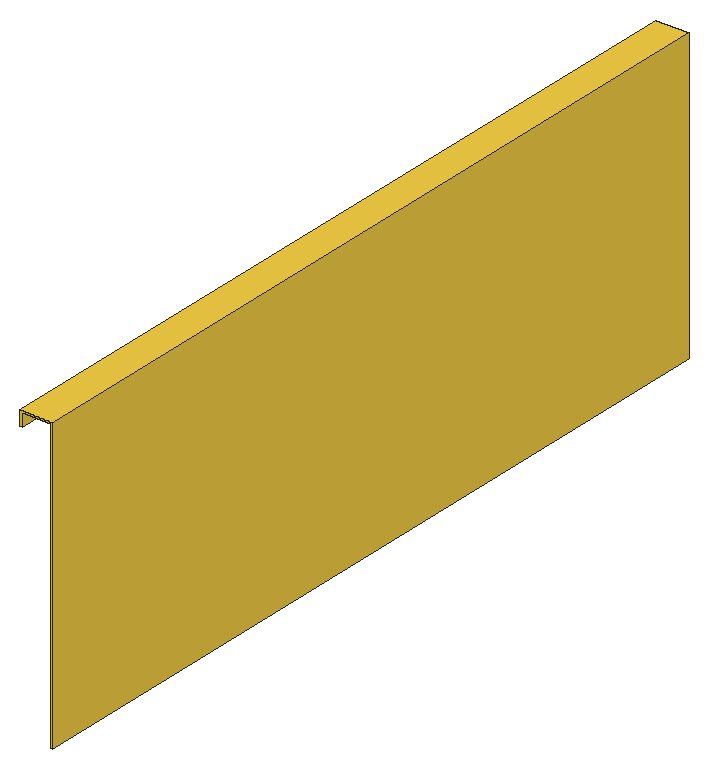
Revit family "EHL_FILLER STOPEND 0,4_1860712", category Generic Models, Revit 2018
Family settings
  Can host rebar = No
  Round Connector Dimension = Use Diameter
  Part Type = Normal
  OmniClass Number = 35.51.14.00
  OmniClass Title = FORMWORK
  Work Plane-Based = Yes
  Always vertical = No
  Cut with Voids When Loaded = No
  Shared = Yes
  Room Calculation Point = No
Parameters (values of type "EHL_FILLER STOPEND 0,4_1860712")
  VERSION = "20190101"  # constant formula
  URL = "www.ulmaconstruction.com/en"
  UNICLASS = ""
  Manufacturer = "ULMA CONSTRUCTION"  # constant formula
  ITEM_CODE = "1860712"
  FILTER [instance] = ""
  Default Elevation = 0.000 mm
  CLASSIFICATION_TITLE = ""
  CLASSIFICATION_NUMBER = ""
Reference planes
  plane 1 "Centro (Frontal/Posterior)": y = 0
  plane 2: z = 0
  plane 3 "Centro (Izquierda/Derecha)": x = 0
  plane 4 "STOPEND LENGTH": y = -1100
  plane 5 "STOPEND HEIGHT": z = 400
Forms (mm)
  Extrusion 1, solid, material "ULMA YELLOW"
    sketch origin (0, 0, 0) x (1, 0, 0) y (0, 0, 1)
      loop
        line (-39, 384) -> (-39, 401) -> (0, 401) -> (0, 0) -> (3, 0) -> (3, 404) -> (-42, 404) -> (-42, 384) -> (-39, 384)
    from 0 to 1100
  Extrusion 2, solid, material "ULMA YELLOW", detail levels fine
    sketch origin (2.5, 0, 0) x (1, 0, 0) y (0, 1, 0)
      loop
        line (-4, -532.5) -> (-4, -542.5) -> (-37.502, -542.5) -> (-37.502, -557.5) -> (-4, -557.5) -> (-4, -567.5) -> (-2.5, -567.5) -> (-2.5, -532.5) -> (-4, -532.5)
    from 5 to 396
  Extrusion 3, solid, material "ULMA ZINC", detail levels fine
    sketch origin (2.5, 1453.5, 0) x (1, 0, 0) y (0, 1, 0)
      loop
        line (-13.5, -1968.457) -> (-22, -1963.55) -> (-30.5, -1968.457) -> (-30.5, -1977.543) -> (-22, -1982.45) -> (-13.5, -1977.543) -> (-13.5, -1968.457)
    from 189.004 to 196.004
  Extrusion 4, solid, material "ULMA ZINC", detail levels fine
    sketch origin (2.5, 1453.5, 56) x (1, 0, 0) y (0, 1, 0)
      loop
        line (-13.5, -1968.457) -> (-22, -1963.55) -> (-30.5, -1968.457) -> (-30.5, -1977.543) -> (-22, -1982.45) -> (-13.5, -1977.543) -> (-13.5, -1968.457)
    from 189.004 to 196.004
  Extrusion 5, solid, material "ULMA YELLOW", detail levels fine
    sketch origin (2.5, 1453.5, 0) x (1, 0, 0) y (0, 0, 1)
      loop
        line (-324, 5.992) -> (-324, 0) -> (-259, 0) -> (-259, 5.992) -> (-324, 5.992)
    from 1958 to 1988
  Extrusion 6, solid, material "ULMA YELLOW", detail levels fine
    sketch origin (2.5, 1453.5, 0) x (1, 0, 0) y (0, 0, 1)
      loop
        line (-62, 238.347) -> (-294.355, 5.992) -> (-259.008, 5.992) -> (-62, 203) -> (-62, 238.347)
    from 1960.5 to 1985.5
  Extrusion 7, solid, material "ULMA ZINC", detail levels fine
    sketch origin (2.5, 1453.5, 0) x (1, 0, 0) y (0, 0, 1)
      loop
        line (-12, 200.504) -> (-12, 240.504) -> (-32, 240.504) -> (-32, 230.504) -> (-42, 230.504)
        arc (-42, 230.504) -> (-51.998, 220.696) -> (-42.4, 210.504) r 10
        line (-42.4, 210.504) -> (-32, 210.504) -> (-32, 200.504) -> (-12, 200.504)
    from 1983 to 1963
  Extrusion 8, solid, material "ULMA YELLOW", detail levels fine
    sketch origin (2.5, 1453.5, 0) x (1, 0, 0) y (0, 1, 0)
      loop
        line (-30, -1962) -> (-30, -1958) -> (-55, -1958)
        arc (-55, -1958) -> (-59.95, -1960.05) -> (-62, -1965) r 7
        line (-62, -1965) -> (-62, -1981)
        arc (-62, -1981) -> (-59.95, -1985.95) -> (-55, -1988) r 7
        line (-55, -1988) -> (-30, -1988) -> (-30, -1984) -> (-55, -1984)
        arc (-55, -1984) -> (-57.121, -1983.121) -> (-58, -1981) r 3
        line (-58, -1981) -> (-58, -1965)
        arc (-58, -1965) -> (-57.121, -1962.879) -> (-55, -1962) r 3
        line (-55, -1962) -> (-30, -1962)
    from 203 to 238
  Extrusion 9, solid, material "ULMA ZINC", detail levels fine
    sketch origin (2.5, 1453.5, 0) x (1, 0, 0) y (0, 0, 1)
      loop
        circle (-42, 220.504) r 7
    from 1956 to 1990
  Extrusion 10, solid, material "ULMA YELLOW", detail levels fine
    sketch origin (2.5, 1453.5, 0) x (0, 1, 0) y (0, 0, 1)
      loop
        line (-1996, 245.004) -> (-1996, 196.004) -> (-1961, 196.004) -> (-1961, 200.004) -> (-1992, 200.004) -> (-1992, 241.004) -> (-1961, 241.004) -> (-1961, 245.004) -> (-1996, 245.004)
    from -34.5 to -9.5
  Extrusion 11, solid, material "ULMA YELLOW", detail levels coarse+medium
    sketch origin (2.5, 1453.5, 0) x (1, 0, 0) y (0, 0, 1)
      loop
        line (-62.347, 238) -> (-300.347, 0) -> (-265, 0) -> (-62, 203) -> (-2.5, 203) -> (-2.5, 238) -> (-62.347, 238)
    from 1960.5 to 1985.5
Dimensions and locks
  locked: plane 4 "STOPEND LENGTH" to plane 1 "Centro (Frontal/Posterior)" at 1100
  locked: plane 5 "STOPEND HEIGHT" to plane 2 at 400
  Extrusion 2 sketch curve to Extrusion 2 sketch curve to Extrusion 2 sketch curve to Extrusion 2 sketch curve = 10.000 mm locked, 15.000 mm locked, 10.000 mm locked
  Extrusion 2 sketch curve to Extrusion 2 sketch curve = 15.000 mm
  locked: Extrusion 1 sketch curve to Extrusion 1 sketch curve at 20
  Extrusion 1 sketch curve to Extrusion 1 sketch curve to plane 5 "STOPEND HEIGHT" = 3.000 mm locked, 1.000 mm locked
  locked: Extrusion 1 to Extrusion 2 at 5
  locked: Extrusion 2 to plane 2 at 5
  aligned and locked: level to plane 2
  aligned and locked: Extrusion 1 to plane 1 "Centro (Frontal/Posterior)"
  aligned and locked: Extrusion 1 to plane 4 "STOPEND LENGTH"
